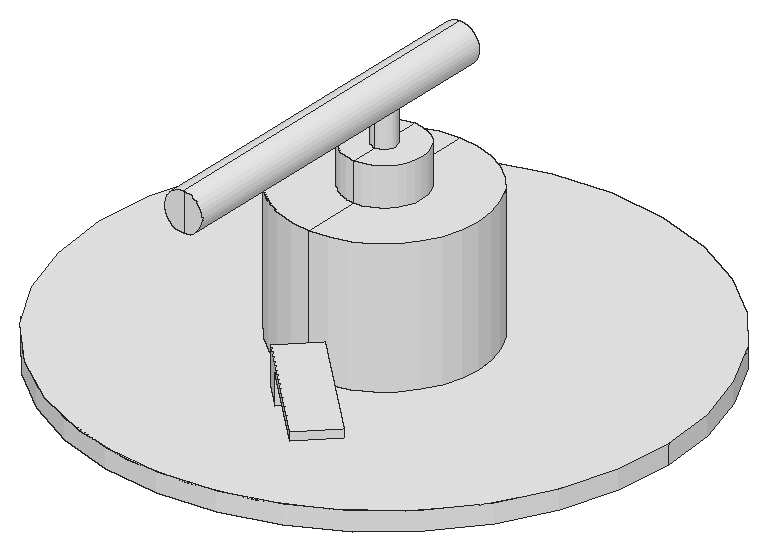
Revit family "Shower_System_Valve-Symmons-Dia-Shower-Volume_Control-Trim", category Plumbing Fixtures, host Face, Revit 2015
Parameters (values of type "Trim, Chrome")
  z VC Visibility = if(z Error, 1 = 0, if(z Has Volume Control, 1 = 1, 1 = 0))  # yes
  z VC Type = if(z Has Volume Control, 1, 0)  # 1
  z Type Wide Lever = if(z Has Wide Lever Handle, 1, 0)  # 0
  z Type Trim = 1
  z Type Service Stop = if(z Has Integral Service Stops, 1, 0)  # 0
  z Type Reverse Core = if(z Has Reverse Core, 1, 0)  # 0
  z Type Model = if(and(z Has Volume Control, z Has Symmons Temptrol Mixing Valve Only), 8, if(and(z Has Volume Control, z Has Trim Only), 6, if(and(z Has Volume Control, z Has Rebuild Kit Trim Only), 7, if(z Has Symmons Temptrol Mixing Valve Only, 4, if(z Has Volume Control, 5, if(z Has Trim Only, 2, if(z Has Rebuild Kit Trim Only, 3, 1)))))))  # 6
  z Type Kit = 0
  z Type IPS Connection = if(z Has .5 Inch Female IPS Connections, 1, 0)  # 0
  z Type Finish = 1
  z Type Check Stops = if(z Has Check Stops, 1, 0)  # 0
  z Type All = (z Type Model * 1000000) + (z Type IPS Connection * 100000) + (z Type Service Stop * 10000) + (z Type Check Stops * 1000) + (z Type Reverse Core * 100) + (z Type Wide Lever * 10) + (z Type Finish * 1)  # 6000001
  z Trim Visibility = if(z Error, 1 = 0, if(z Has Symmons Temptrol Mixing Valve Only, 1 = 0, 1 = 1))  # yes
  z Pipe Radius [instance] = 0.250"  # constant formula
  z Overall Width [instance] = 7.500"  # constant formula
  z Overall Height [instance] = 7.500"  # constant formula
  z Overall Depth [instance] = 6.875"  # constant formula
  z Option Selection = if(and(z Has Wide Lever Handle, z Has Trim Only), "Wide Lever Handle, Trim Only", if(and(z Has Wide Lever Handle, z Has Rebuild Kit Trim Only), "Wide Lever Handle, Rebuild Kit Trim Only", if(z Has Wide Lever Handle, "Wide Lever Handle", if(z Has Trim Only, "Trim Only", if(z Has Rebuild Kit Trim Only, "Rebuild Kit Trim Only", "None Selected")))))  # "Trim Only"
  z Offset [instance] = 3.500"  # constant formula
  z Modification Selection = if(and(z Has Volume Control, z Has .5 Inch Female IPS Connections, z Has Integral Service Stops), "Error: .5 Inch Female IPS Connection Not Available With Integral Service Stops", if(and(z Has Reverse Core, not(z Has Integral Service Stops)), "Error: Must Have Integral Service Stops For Reverse Core", if(and(z Has Check Stops, not(z Has Integral Service Stops)), "Error: Must Have Integral Service Stops For Check Stops", if(and(z VC Type = 1, z Type Reverse Core = 0, z Type Service Stop = 0, z Type Check Stops = 0, z Type IPS Connection = 0), "Volume Control", if(and(z VC Type = 0, z Type Reverse Core = 0, z Type Service Stop = 0, z Type Check Stops = 0, z Type IPS Connection = 0), "None Selected", if(and(z VC Type = 1, z Type Reverse Core = 1, z Type Service Stop = 0, z Type Check Stops = 0, z Type IPS Connection = 0), "Volume Control,Reverse Core", if(and(z VC Type = 0, z Type Reverse Core = 1, z Type Service Stop = 0, z Type Check Stops = 0, z Type IPS Connection = 0), "Reverse Core", if(and(z VC Type = 1, z Type Reverse Core = 0, z Type Service Stop = 1, z Type Check Stops = 0, z Type IPS Connection = 0), "Volume Control,Integral Service Stops", if(and(z VC Type = 0, z Type Reverse Core = 0, z Type Service Stop = 1, z Type Check Stops = 0, z Type IPS Connection = 0), "Integral Service Stops", if(and(z VC Type = 1, z Type Reverse Core = 1, z Type Service Stop = 1, z Type Check Stops = 0, z Type IPS Connection = 0), "Volume Control,Reverse Core,Integral Service Stops", if(and(z VC Type = 0, z Type Reverse Core = 1, z Type Service Stop = 1, z Type Check Stops = 0, z Type IPS Connection = 0), "Reverse Core,Integral Service Stops", if(and(z VC Type = 1, z Type Reverse Core = 0, z Type Service Stop = 0, z Type Check Stops = 1, z Type IPS Connection = 0), "Volume ControlCheck Stops", if(and(z VC Type = 0, z Type Reverse Core = 0, z Type Service Stop = 0, z Type Check Stops = 1, z Type IPS Connection = 0), "Check Stops", if(and(z VC Type = 1, z Type Reverse Core = 1, z Type Service Stop = 0, z Type Check Stops = 1, z Type IPS Connection = 0), "Volume Control,Reverse Core,Check Stops", if(and(z VC Type = 0, z Type Reverse Core = 1, z Type Service Stop = 0, z Type Check Stops = 1, z Type IPS Connection = 0), "Reverse Core,Check Stops", if(and(z VC Type = 1, z Type Reverse Core = 0, z Type Service Stop = 1, z Type Check Stops = 1, z Type IPS Connection = 0), "Volume Control,Integral Service Stops,Check Stops", if(and(z VC Type = 0, z Type Reverse Core = 0, z Type Service Stop = 1, z Type Check Stops = 1, z Type IPS Connection = 0), "Integral Service Stops,Check Stops", if(and(z VC Type = 1, z Type Reverse Core = 1, z Type Service Stop = 1, z Type Check Stops = 1, z Type IPS Connection = 0), "Volume Control,Reverse Core,Integral Service Stops,Check Stops", if(and(z VC Type = 0, z Type Reverse Core = 1, z Type Service Stop = 1, z Type Check Stops = 1, z Type IPS Connection = 0), "Reverse Core,Integral Service Stops,Check Stops", if(and(z VC Type = 1, z Type Reverse Core = 0, z Type Service Stop = 0, z Type Check Stops = 0, z Type IPS Connection = 1), "Volume Control,.5 Inch IPS Connection", if(and(z VC Type = 0, z Type Reverse Core = 0, z Type Service Stop = 0, z Type Check Stops = 0, z Type IPS Connection = 1), ".5 Inch IPS Connection", if(and(z VC Type = 1, z Type Reverse Core = 1, z Type Service Stop = 0, z Type Check Stops = 0, z Type IPS Connection = 1), "Volume Control,Reverse Core,.5 Inch IPS Connection", if(and(z VC Type = 0, z Type Reverse Core = 1, z Type Service Stop = 0, z Type Check Stops = 0, z Type IPS Connection = 1), "Reverse Core,.5 Inch IPS Connection", if(and(z VC Type = 1, z Type Reverse Core = 0, z Type Service Stop = 1, z Type Check Stops = 0, z Type IPS Connection = 1), "Volume Control,Integral Service Stops,.5 Inch IPS Connection", if(and(z VC Type = 0, z Type Reverse Core = 0, z Type Service Stop = 1, z Type Check Stops = 0, z Type IPS Connection = 1), "Integral Service Stops,.5 Inch IPS Connection", if(and(z VC Type = 1, z Type Reverse Core = 1, z Type Service Stop = 1, z Type Check Stops = 0, z Type IPS Connection = 1), "Volume Control,Reverse Core,Integral Service Stops,.5 Inch IPS Connection", if(and(z VC Type = 0, z Type Reverse Core = 1, z Type Service Stop = 1, z Type Check Stops = 0, z Type IPS Connection = 1), "Reverse Core,Integral Service Stops,.5 Inch IPS Connection", if(and(z VC Type = 1, z Type Reverse Core = 0, z Type Service Stop = 0, z Type Check Stops = 1, z Type IPS Connection = 1), "Volume Control,Check Stops,.5 Inch IPS Connection", if(and(z VC Type = 0, z Type Reverse Core = 0, z Type Service Stop = 0, z Type Check Stops = 1, z Type IPS Connection = 1), "Check Stops,.5 Inch IPS Connection", if(and(z VC Type = 1, z Type Reverse Core = 1, z Type Service Stop = 0, z Type Check Stops = 1, z Type IPS Connection = 1), "Volume Control,Reverse Core,Check Stops,.5 Inch IPS Connection", if(and(z VC Type = 0, z Type Reverse Core = 1, z Type Service Stop = 0, z Type Check Stops = 1, z Type IPS Connection = 1), "Reverse Core,Check Stops,.5 Inch IPS Connection", if(and(z VC Type = 1, z Type Reverse Core = 0, z Type Service Stop = 1, z Type Check Stops = 1, z Type IPS Connection = 1), "Volume Control,Integral Service Stops,Check Stops,.5 Inch IPS Connection", if(and(z VC Type = 0, z Type Reverse Core = 0, z Type Service Stop = 1, z Type Check Stops = 1, z Type IPS Connection = 1), "Integral Service Stops,Check Stops,.5 Inch IPS Connection", if(and(z VC Type = 1, z Type Reverse Core = 1, z Type Service Stop = 1, z Type Check Stops = 1, z Type IPS Connection = 1), "Volume Control,Reverse Core,Integral Service Stops,Check Stops,.5 Inch IPS Connection", if(and(z VC Type = 0, z Type Reverse Core = 1, z Type Service Stop = 1, z Type Check Stops = 1, z Type IPS Connection = 1), "Reverse Core,Integral Service Stops,Check Stops,.5 Inch IPS Connection", if(and(z VC Type = 1, z Type Reverse Core = 0, z Type Service Stop = 0, z Type Check Stops = 0, z Type IPS Connection = 0), "Volume Control", if(and(z VC Type = 0, z Type Reverse Core = 0, z Type Service Stop = 0, z Type Check Stops = 0, z Type IPS Connection = 0), "None Selected", if(and(z VC Type = 1, z Type Reverse Core = 1, z Type Service Stop = 0, z Type Check Stops = 0, z Type IPS Connection = 0), "Volume Control,Reverse Core,", if(and(z VC Type = 0, z Type Reverse Core = 1, z Type Service Stop = 0, z Type Check Stops = 0, z Type IPS Connection = 0), "Reverse Core,", if(and(z VC Type = 1, z Type Reverse Core = 0, z Type Service Stop = 1, z Type Check Stops = 0, z Type IPS Connection = 0), "Volume Control,,Integral Service Stops,", if(and(z VC Type = 0, z Type Reverse Core = 0, z Type Service Stop = 1, z Type Check Stops = 0, z Type IPS Connection = 0), ",Integral Service Stops,", if(and(z VC Type = 1, z Type Reverse Core = 1, z Type Service Stop = 1, z Type Check Stops = 0, z Type IPS Connection = 0), "Volume Control,Reverse Core,Integral Service Stops,", if(and(z VC Type = 0, z Type Reverse Core = 1, z Type Service Stop = 1, z Type Check Stops = 0, z Type IPS Connection = 0), "None Selected,Reverse Core,Integral Service Stops,", if(and(z VC Type = 1, z Type Reverse Core = 0, z Type Service Stop = 0, z Type Check Stops = 1, z Type IPS Connection = 0), "Volume Control,,,Check Stops", if(and(z VC Type = 0, z Type Reverse Core = 0, z Type Service Stop = 0, z Type Check Stops = 1, z Type IPS Connection = 0), ",,Check Stops", if(and(z VC Type = 1, z Type Reverse Core = 1, z Type Service Stop = 0, z Type Check Stops = 1, z Type IPS Connection = 0), "Volume Control,Reverse Core,,Check Stops", if(and(z VC Type = 0, z Type Reverse Core = 1, z Type Service Stop = 0, z Type Check Stops = 1, z Type IPS Connection = 0), "Reverse Core,,Check Stops", if(and(z VC Type = 1, z Type Reverse Core = 0, z Type Service Stop = 1, z Type Check Stops = 1, z Type IPS Connection = 0), "Volume Control,Integral Service Stops,Check Stops", if(and(z VC Type = 0, z Type Reverse Core = 0, z Type Service Stop = 1, z Type Check Stops = 1, z Type IPS Connection = 0), "Integral Service Stops,Check Stops", if(and(z VC Type = 1, z Type Reverse Core = 1, z Type Service Stop = 1, z Type Check Stops = 1, z Type IPS Connection = 0), "Volume Control,Reverse Core,Integral Service Stops,Check Stops", if(and(z VC Type = 0, z Type Reverse Core = 1, z Type Service Stop = 1, z Type Check Stops = 1, z Type IPS Connection = 0), "Reverse Core,Integral Service Stops,Check Stops", if(and(z VC Type = 1, z Type Reverse Core = 0, z Type Service Stop = 0, z Type Check Stops = 0, z Type IPS Connection = 1), "Volume Control,.5 Inch IPS Connection", if(and(z VC Type = 0, z Type Reverse Core = 0, z Type Service Stop = 0, z Type Check Stops = 0, z Type IPS Connection = 1), ".5 Inch IPS Connection", "Not Available")))))))))))))))))))))))))))))))))))))))))))))))))))))  # "Volume Control"
  z Mixer Valve Visibility = if(z Error, 1 = 0, if(or(z Has Rebuild Kit Trim Only, z Has Trim Only), 1 = 0, 1 = 1))  # no
  z Hot Cold Placement [instance] = 4.000"  # constant formula
  z Has Wide Lever Handle = 1 = 0  # no
  z Has Volume Control = 1 = 1  # yes
  z Has Trim Only = if(z Type Trim = 1, 1 = 1, 1 = 0)  # yes
  z Has Symmons Temptrol Mixing Valve Only = 1 = 0  # no
  z Has Reverse Core = 1 = 0  # no
  z Has Rebuild Kit Trim Only = if(z Type Kit = 1, 1 = 1, 1 = 0)  # no
  z Has Integral Service Stops = 1 = 0  # no
  z Has Check Stops = 1 = 0  # no
  z Has .5 Inch Female IPS Connections = 1 = 0  # no
  z Error Type = if(z Has Symmons Temptrol Mixing Valve Only, 1, 0) + if(z Has Trim Only, 1, 0) + if(z Has Rebuild Kit Trim Only, 1, 0)  # 1
  z Error Box Width [instance] = if(z Error, 10.000", 0.100")  # 0.100"
  z Error Box Height [instance] = if(z Error, 10.000", 0.100")  # 0.100"
  z Error Box Depth [instance] = if(z Error, 10.000", 0.100")  # 0.100"
  z Error = if(and(z VC Type = 1, z Has .5 Inch Female IPS Connections, z Has Integral Service Stops), 1 = 1, if(and(z Has Reverse Core, not(z Has Integral Service Stops)), 1 = 1, if(and(z Has Check Stops, not(z Has Integral Service Stops)), 1 = 1, if(z Error Type > 1, 1 = 1, if(and(z Has Symmons Temptrol Mixing Valve Only, z Has Wide Lever Handle), 1 = 1, 1 = 0)))))  # no
  z  Reverse Core Placement [instance] = if(z Has Reverse Core, z Hot Cold Placement + 1.750", 1.750")  # 1.750"
  URL = "http://www.symmons.com/"
  Product data url = "https://bimobject.com/symmonsindustries/product/symmons-s-3500ts-cyl-b"
  Product Page URL = "http://www.symmons.com/Bathroom-Products/Dia/Symmons-Dia-Shower-Valve-S-3500-CYL-B.aspx"
  Product Material = Chrome - Symmons - Polished
  Product Documentation Link = "http://www.symmons.com/~/media/Files/Symmons/Products/Dia/S3500CYLB_Dia_sub.pdf"
  Part Number [instance] = Model  # "S-3500-CYL-B-TRM"
  Part Description [instance] = Description  # "Trim only, mixing valve ordered separately, Chrome"
  Model Disclaimer = "Contact Symmons Industries, Inc. For More Information"  # constant formula
  Model = if(and(z Error, z Error Type > 1), z Option Selection, if(z Error, z Modification Selection, if(z Type All = 1000001, "3500-CYL-B", if(z Type All = 1100001, "3500-CYL-B-IPS", if(z Type All = 1010001, "3500-CYL-B-X", if(z Type All = 1110001, "3500-CYL-B-X-IPS", if(z Type All = 1001001, "3500-CYL-B-CHKS", if(z Type All = 1101001, "3500-CYL-B-IPS-CHKS", if(z Type All = 1011001, "3500-CYL-B-X-CHKS", if(z Type All = 1111001, "3500-CYL-B-X-IPS-CHKS", if(z Type All = 1000101, "3500-CYL-B-REV", if(z Type All = 1100101, "3500-CYL-B-IPS-REV", if(z Type All = 1010101, "3500-CYL-B-X-REV", if(z Type All = 1110101, "3500-CYL-B-X-IPS-REV", if(z Type All = 1001101, "3500-CYL-B-CHKS-REV", if(z Type All = 1101101, "3500-CYL-B-IPS-CHKS-REV", if(z Type All = 1011101, "3500-CYL-B-X-CHKS-REV", if(z Type All = 1111101, "3500-CYL-B-X-IPS-CHKS-REV", if(z Type All = 1000011, "3500-CYL-B-LW", if(z Type All = 1100011, "3500-CYL-B-IPS-LW", if(z Type All = 1010011, "3500-CYL-B-X-LW", if(z Type All = 1110011, "3500-CYL-B-X-IPS-LW", if(z Type All = 1001011, "3500-CYL-B-CHKS-LW", if(z Type All = 1101011, "3500-CYL-B-IPS-CHKS-LW", if(z Type All = 1011011, "3500-CYL-B-X-CHKS-LW", if(z Type All = 1111011, "3500-CYL-B-X-IPS-CHKS-LW", if(z Type All = 1111111, "3500-CYL-B-X-IPS-CHKS-REV-LW", if(z Type All = 1000002, "3500-CYL-B-STN", if(z Type All = 1100002, "3500-CYL-B-IPS-STN", if(z Type All = 1010002, "3500-CYL-B-X-STN", if(z Type All = 1110002, "3500-CYL-B-X-IPS-STN", if(z Type All = 1001002, "3500-CYL-B-CHKS-STN", if(z Type All = 1101002, "3500-CYL-B-IPS-CHKS-STN", if(z Type All = 1011002, "3500-CYL-B-X-CHKS-STN", if(z Type All = 1111002, "3500-CYL-B-X-IPS-CHKS-STN", if(z Type All = 1000102, "3500-CYL-B-REV-STN", if(z Type All = 1100102, "3500-CYL-B-IPS-REV-STN", if(z Type All = 1010102, "3500-CYL-B-X-REV-STN", if(z Type All = 1110102, "3500-CYL-B-X-IPS-REV-STN", if(z Type All = 1001102, "3500-CYL-B-CHKS-REV-STN", if(z Type All = 1101102, "3500-CYL-B-IPS-CHKS-REV-STN", if(z Type All = 1011102, "3500-CYL-B-X-CHKS-REV-STN", if(z Type All = 1111102, "3500-CYL-B-X-IPS-CHKS-REV-STN", if(z Type All = 1000002, "3500-CYL-B-STN", if(z Type All = 1100002, "3500-CYL-B-IPS-STN", if(z Type All = 1010002, "3500-CYL-B-X-STN", if(z Type All = 1110002, "3500-CYL-B-X-IPS-STN", if(z Type All = 1001002, "3500-CYL-B-CHKS-STN", if(z Type All = 1101002, "3500-CYL-B-IPS-CHKS-STN", if(z Type All = 1011002, "3500-CYL-B-X-CHKS-STN", if(z Type All = 1111002, "3500-CYL-B-X-IPS-CHKS-STN", if(z Type All = 1111102, "3500-CYL-B-X-IPS-CHKS-REV-STN", if(z Type All = 2000001, "3500-CYL-B-TRM", if(z Type All = 2000002, "3500-CYL-B-STN-TRM", if(z Type All = 3000001, "3500-CYL-B-REB-TRM", if(z Type All = 3000001, "3500-CYL-B-REB-TRM", if(z Type All = 3000002, "3500-CYL-B-STN-REB-TRM", if(z Type All = 3000012, "3500-CYL-B-STN-REB-TRM", if(z Type All = 4000000, "4000-BODY", if(z Type All = 4100000, "4000-BODY-IPS", if(z Type All = 4010000, "4000-X-BODY", if(z Type All = 4110000, "4000-X-BODY-IPS", if(z Type All = 4001000, "4000-BODY-CHKS", if(z Type All = 4101000, "4000-BODY-IPS-CHKS", if(z Type All = 4011000, "4000-X-BODY-CHKS", if(z Type All = 4111000, "4000-X-BODY-IPS-CHKS", if(z Type All = 4000100, "4000-BODY-REV", if(z Type All = 4100100, "4000-BODY-IPS-REV", if(z Type All = 4010100, "4000-X-BODY-REV", if(z Type All = 4110100, "4000-X-BODY-IPS-REV", if(z Type All = 4001100, "4000-BODY-CHKS-REV", if(z Type All = 4101100, "4000-BODY-IPS-CHKS-REV", if(z Type All = 4011100, "4000-X-BODY-CHKS-REV", if(z Type All = 4111100, "4000-X-BODY-IPS-CHKS-REV", if(z Type All = 5000001, "S-3500-CYL-B", if(z Type All = 5100001, "S-3500-CYL-B-IPS", if(z Type All = 5010001, "S-3500-CYL-B-X", if(z Type All = 5110001, "S-3500-CYL-B-X-IPS", if(z Type All = 5001001, "S-3500-CYL-B-CHKS", if(z Type All = 5101001, "S-3500-CYL-B-IPS-CHKS", if(z Type All = 5011001, "S-3500-CYL-B-X-CHKS", if(z Type All = 5111001, "S-3500-CYL-B-X-IPS-CHKS", if(z Type All = 5000101, "S-3500-CYL-B-REV", if(z Type All = 5100101, "S-3500-CYL-B-IPS-REV", if(z Type All = 5010101, "S-3500-CYL-B-X-REV", if(z Type All = 5110101, "S-3500-CYL-B-X-IPS-REV", if(z Type All = 5001101, "S-3500-CYL-B-CHKS-REV", if(z Type All = 5101101, "S-3500-CYL-B-IPS-CHKS-REV", if(z Type All = 5011101, "S-3500-CYL-B-X-CHKS-REV", if(z Type All = 5111101, "S-3500-CYL-B-X-IPS-CHKS-REV", if(z Type All = 5000011, "S-3500-CYL-B-LW", if(z Type All = 5100011, "S-3500-CYL-B-IPS-LW", if(z Type All = 5010011, "S-3500-CYL-B-X-LW", if(z Type All = 5110011, "S-3500-CYL-B-X-IPS-LW", if(z Type All = 5001011, "S-3500-CYL-B-CHKS-LW", if(z Type All = 5101011, "S-3500-CYL-B-IPS-CHKS-LW", if(z Type All = 5011011, "S-3500-CYL-B-X-CHKS-LW", if(z Type All = 5111011, "S-3500-CYL-B-X-IPS-CHKS-LW", if(z Type All = 5111111, "S-3500-CYL-B-X-IPS-CHKS-REV-LW", if(z Type All = 5000002, "S-3500-CYL-B-STN", if(z Type All = 5100002, "S-3500-CYL-B-IPS-STN", if(z Type All = 5010002, "S-3500-CYL-B-X-STN", if(z Type All = 5110002, "S-3500-CYL-B-X-IPS-STN", if(z Type All = 5001002, "S-3500-CYL-B-CHKS-STN", if(z Type All = 5101002, "S-3500-CYL-B-IPS-CHKS-STN", if(z Type All = 5011002, "S-3500-CYL-B-X-CHKS-STN", if(z Type All = 5111002, "S-3500-CYL-B-X-IPS-CHKS-STN", if(z Type All = 5000102, "S-3500-CYL-B-REV-STN", if(z Type All = 5100102, "S-3500-CYL-B-IPS-REV-STN", if(z Type All = 5010102, "S-3500-CYL-B-X-REV-STN", if(z Type All = 5110102, "S-3500-CYL-B-X-IPS-REV-STN", if(z Type All = 5001102, "S-3500-CYL-B-CHKS-REV-STN", if(z Type All = 5101102, "S-3500-CYL-B-IPS-CHKS-REV-STN", if(z Type All = 5011102, "S-3500-CYL-B-X-CHKS-REV-STN", if(z Type All = 5111102, "S-3500-CYL-B-X-IPS-CHKS-REV-STN", if(z Type All = 5000002, "S-3500-CYL-B-STN", if(z Type All = 5100002, "S-3500-CYL-B-IPS-STN", if(z Type All = 5010002, "S-3500-CYL-B-X-STN", if(z Type All = 5110002, "S-3500-CYL-B-X-IPS-STN", if(z Type All = 5001002, "S-3500-CYL-B-CHKS-STN", if(z Type All = 5101002, "S-3500-CYL-B-IPS-CHKS-STN", if(z Type All = 5011002, "S-3500-CYL-B-X-CHKS-STN", if(z Type All = 5111002, "S-3500-CYL-B-X-IPS-CHKS-STN", if(z Type All = 5111102, "S-3500-CYL-B-X-IPS-CHKS-REV-STN", if(z Type All = 6000001, "S-3500-CYL-B-TRM", if(z Type All = 6000002, "S-3500-CYL-B-STN-TRM", if(z Type All = 7000001, "S-3500-CYL-B-REB-TRM", if(z Type All = 7000001, "S-3500-CYL-B-REB-TRM", if(z Type All = 7000002, "S-3500-CYL-B-STN-REB-TRM", if(z Type All = 7000012, "S-3500-CYL-B-STN-REB-TRM", if(z Type All = 8000000, "4001-BODY", if(z Type All = 8100000, "4001-BODY-IPS", if(z Type All = 8010000, "4001-X-BODY", if(z Type All = 8110000, "4001-X-BODY-IPS", if(z Type All = 8001000, "4001-BODY-CHKS", if(z Type All = 8101000, "4001-BODY-IPS-CHKS", if(z Type All = 8011000, "4001-X-BODY-CHKS", if(z Type All = 8111000, "4001-X-BODY-IPS-CHKS", if(z Type All = 8000100, "4001-BODY-REV", if(z Type All = 8100100, "4001-BODY-IPS-REV", if(z Type All = 8010100, "4001-X-BODY-REV", if(z Type All = 8110100, "4001-X-BODY-IPS-REV", if(z Type All = 8001100, "4001-BODY-CHKS-REV", if(z Type All = 8101100, "4001-BODY-IPS-CHKS-REV", if(z Type All = 8011100, "4001-X-BODY-CHKS-REV", if(z Type All = 8111100, "4001-X-BODY-IPS-CHKS-REV", "Not Available"))))))))))))))))))))))))))))))))))))))))))))))))))))))))))))))))))))))))))))))))))))))))))))))))))))))))))))))))))))))))))))))))))))))))))))))))))  # "S-3500-CYL-B-TRM"
  Manufacturer = "Symmons Industries, Inc."  # constant formula
  Family Version = "1.0"  # constant formula
  Equipment Number [instance] = ""
  Equipment Abbreviation = "SVS"
  Description = if(and(z Error, z Error Type > 1), z Option Selection, if(z Error, z Modification Selection, if(z Type All = 1000001, "Shower Valve System with Symmons Temptrol mixing valve, Chrome", if(z Type All = 1100001, "Shower Valve System with Symmons Temptrol mixing valve,.5  inch female IPS connections, Chrome", if(z Type All = 1010001, "Shower Valve System with Symmons Temptrol mixing valve,Integral service stops, Chrome", if(z Type All = 1110001, "Shower Valve System with Symmons Temptrol mixing valve,Integral service stops,.5  inch female IPS connections, Chrome", if(z Type All = 1001001, "Shower Valve System with Symmons Temptrol mixing valve, Integral Check Stops, Chrome", if(z Type All = 1101001, "Shower Valve System with Symmons Temptrol mixing valve,.5  inch female IPS connections, Integral Check Stops, Chrome", if(z Type All = 1011001, "Shower Valve System with Symmons Temptrol mixing valve,Integral service stops, Integral Check Stops, Chrome", if(z Type All = 1111001, "Shower Valve System with Symmons Temptrol mixing valve,Integral service stops,.5  inch female IPS connections, Integral Check Stops, Chrome", if(z Type All = 1000101, "Shower Valve System with Symmons Temptrol mixing valve,w/ Reverse Core, Chrome", if(z Type All = 1100101, "Shower Valve System with Symmons Temptrol mixing valve,.5  inch female IPS connections,w/ Reverse Core, Chrome", if(z Type All = 1010101, "Shower Valve System with Symmons Temptrol mixing valve,Integral service stops,w/ Reverse Core, Chrome", if(z Type All = 1110101, "Shower Valve System with Symmons Temptrol mixing valve,Integral service stops,.5  inch female IPS connections,w/ Reverse Core, Chrome", if(z Type All = 1001101, "Shower Valve System with Symmons Temptrol mixing valve, Integral Check Stops,w/ Reverse Core, Chrome", if(z Type All = 1101101, "Shower Valve System with Symmons Temptrol mixing valve,.5  inch female IPS connections, Integral Check Stops,w/ Reverse Core, Chrome", if(z Type All = 1011101, "Shower Valve System with Symmons Temptrol mixing valve,Integral service stops, Integral Check Stops,w/ Reverse Core, Chrome", if(z Type All = 1111101, "Shower Valve System with Symmons Temptrol mixing valve,Integral service stops,.5  inch female IPS connections, Integral Check Stops,w/ Reverse Core, Chrome", if(z Type All = 1000011, "Shower Valve System with Symmons Temptrol mixing valve,Wide Lever Handle", if(z Type All = 1100011, "Shower Valve System with Symmons Temptrol mixing valve,.5  inch female IPS connections,Wide Lever Handle", if(z Type All = 1010011, "Shower Valve System with Symmons Temptrol mixing valve,Integral service stops,Wide Lever Handle", if(z Type All = 1110011, "Shower Valve System with Symmons Temptrol mixing valve,Integral service stops,.5  inch female IPS connections,Wide Lever Handle", if(z Type All = 1001011, "Shower Valve System with Symmons Temptrol mixing valve, Integral Check Stops,Wide Lever Handle", if(z Type All = 1101011, "Shower Valve System with Symmons Temptrol mixing valve,.5  inch female IPS connections, Integral Check Stops,Wide Lever Handle", if(z Type All = 1011011, "Shower Valve System with Symmons Temptrol mixing valve,Integral service stops, Integral Check Stops,Wide Lever Handle", if(z Type All = 1111011, "Shower Valve System with Symmons Temptrol mixing valve,Integral service stops,.5  inch female IPS connections, Integral Check Stops,Wide Lever Handle", if(z Type All = 1111111, "Shower Valve System with Symmons Temptrol mixing valve,Integral service stops,.5  inch female IPS connections, Integral Check Stops,w/ Reverse Core,Wide Lever Handle", if(z Type All = 1000002, "Shower Valve System with Symmons Temptrol mixing valve, Satin Nickel", if(z Type All = 1100002, "Shower Valve System with Symmons Temptrol mixing valve,.5  inch female IPS connections, Satin Nickel", if(z Type All = 1010002, "Shower Valve System with Symmons Temptrol mixing valve,Integral service stops, Satin Nickel", if(z Type All = 1110002, "Shower Valve System with Symmons Temptrol mixing valve,Integral service stops,.5  inch female IPS connections, Satin Nickel", if(z Type All = 1001002, "Shower Valve System with Symmons Temptrol mixing valve, Integral Check Stops, Satin Nickel", if(z Type All = 1101002, "Shower Valve System with Symmons Temptrol mixing valve,.5  inch female IPS connections, Integral Check Stops, Satin Nickel", if(z Type All = 1011002, "Shower Valve System with Symmons Temptrol mixing valve,Integral service stops, Integral Check Stops, Satin Nickel", if(z Type All = 1111002, "Shower Valve System with Symmons Temptrol mixing valve,Integral service stops,.5  inch female IPS connections, Integral Check Stops, Satin Nickel", if(z Type All = 1000102, "Shower Valve System with Symmons Temptrol mixing valve,w/ Reverse Core, Satin Nickel", if(z Type All = 1100102, "Shower Valve System with Symmons Temptrol mixing valve,.5  inch female IPS connections,w/ Reverse Core, Satin Nickel", if(z Type All = 1010102, "Shower Valve System with Symmons Temptrol mixing valve,Integral service stops,w/ Reverse Core, Satin Nickel", if(z Type All = 1110102, "Shower Valve System with Symmons Temptrol mixing valve,Integral service stops,.5  inch female IPS connections,w/ Reverse Core, Satin Nickel", if(z Type All = 1001102, "Shower Valve System with Symmons Temptrol mixing valve, Integral Check Stops,w/ Reverse Core, Satin Nickel", if(z Type All = 1101102, "Shower Valve System with Symmons Temptrol mixing valve,.5  inch female IPS connections, Integral Check Stops,w/ Reverse Core, Satin Nickel", if(z Type All = 1011102, "Shower Valve System with Symmons Temptrol mixing valve,Integral service stops, Integral Check Stops,w/ Reverse Core, Satin Nickel", if(z Type All = 1111102, "Shower Valve System with Symmons Temptrol mixing valve,Integral service stops,.5  inch female IPS connections, Integral Check Stops,w/ Reverse Core, Satin Nickel", if(z Type All = 1000002, "Shower Valve System with Symmons Temptrol mixing valve,Wide Lever Handle, Satin Nickel", if(z Type All = 1100002, "Shower Valve System with Symmons Temptrol mixing valve,.5  inch female IPS connections,Wide Lever Handle, Satin Nickel", if(z Type All = 1010002, "Shower Valve System with Symmons Temptrol mixing valve,Integral service stops,Wide Lever Handle, Satin Nickel", if(z Type All = 1110002, "Shower Valve System with Symmons Temptrol mixing valve,Integral service stops,.5  inch female IPS connections,Wide Lever Handle, Satin Nickel", if(z Type All = 1001002, "Shower Valve System with Symmons Temptrol mixing valve, Integral Check Stops,Wide Lever Handle, Satin Nickel", if(z Type All = 1101002, "Shower Valve System with Symmons Temptrol mixing valve,.5  inch female IPS connections, Integral Check Stops,Wide Lever Handle, Satin Nickel", if(z Type All = 1011002, "Shower Valve System with Symmons Temptrol mixing valve,Integral service stops, Integral Check Stops,Wide Lever Handle, Satin Nickel", if(z Type All = 1111002, "Shower Valve System with Symmons Temptrol mixing valve,Integral service stops,.5  inch female IPS connections, Integral Check Stops,Wide Lever Handle, Satin Nickel", if(z Type All = 1111102, "Shower Valve System with Symmons Temptrol mixing valve,Integral service stops,.5  inch female IPS connections, Integral Check Stops,w/ Reverse Core,Wide Lever Handle, Satin Nickel", if(z Type All = 2000001, "Trim only, mixing valve ordered separately, Chrome", if(z Type All = 2000002, "Trim only, mixing valve ordered separately, Satin Nickel", if(z Type All = 3000001, "Rebuild kit, Trim only, Chrome", if(z Type All = 3000001, "Rebuild kit, Trim onlyWide Lever Handle", if(z Type All = 3000002, "Rebuild kit, Trim only, Satin Nickel", if(z Type All = 3000012, "Rebuild kit, Trim only,Wide Lever Handle, Satin Nickel", if(z Type All = 4000000, "Symmons Temptrol Mixing Valve Only", if(z Type All = 4100000, "Symmons Temptrol Mixing Valve Only,.5  inch female IPS connections,", if(z Type All = 4010000, "Symmons Temptrol Mixing Valve Only,Integral service stops,", if(z Type All = 4110000, "Symmons Temptrol Mixing Valve Only,Integral service stops,.5  inch female IPS connections,", if(z Type All = 4001000, "Symmons Temptrol Mixing Valve Only, Integral Check Stops", if(z Type All = 4101000, "Symmons Temptrol Mixing Valve Only,.5  inch female IPS connections, Integral Check Stops", if(z Type All = 4011000, "Symmons Temptrol Mixing Valve Only,Integral service stops, Integral Check Stops", if(z Type All = 4111000, "Symmons Temptrol Mixing Valve Only,Integral service stops,.5  inch female IPS connections, Integral Check Stops", if(z Type All = 4000100, "Symmons Temptrol Mixing Valve Only,,w/ Reverse Core", if(z Type All = 4100100, "Symmons Temptrol Mixing Valve Only,.5  inch female IPS connections,,w/ Reverse Core", if(z Type All = 4010100, "Symmons Temptrol Mixing Valve Only,Integral service stops,,w/ Reverse Core", if(z Type All = 4110100, "Symmons Temptrol Mixing Valve Only,Integral service stops,.5  inch female IPS connections,,w/ Reverse Core", if(z Type All = 4001100, "Symmons Temptrol Mixing Valve Only, Integral Check Stops,w/ Reverse Core", if(z Type All = 4101100, "Symmons Temptrol Mixing Valve Only,.5  inch female IPS connections, Integral Check Stops,w/ Reverse Core", if(z Type All = 4011100, "Symmons Temptrol Mixing Valve Only,Integral service stops, Integral Check Stops,w/ Reverse Core", if(z Type All = 4111100, "Symmons Temptrol Mixing Valve Only,Integral service stops,.5  inch female IPS connections, Integral Check Stops,w/ Reverse Core", if(z Type All = 5000001, "Shower Valve System with Symmons Temptrol mixing valve, Chrome", if(z Type All = 5100001, "Shower Valve System with Symmons Temptrol mixing valve,.5  inch female IPS connections, Chrome", if(z Type All = 5010001, "Shower Valve System with Symmons Temptrol mixing valve,Integral service stops, Chrome", if(z Type All = 5110001, "Shower Valve System with Symmons Temptrol mixing valve,Integral service stops,.5  inch female IPS connections, Chrome", if(z Type All = 5001001, "Shower Valve System with Symmons Temptrol mixing valve, Integral Check Stops, Chrome", if(z Type All = 5101001, "Shower Valve System with Symmons Temptrol mixing valve,.5  inch female IPS connections, Integral Check Stops, Chrome", if(z Type All = 5011001, "Shower Valve System with Symmons Temptrol mixing valve,Integral service stops, Integral Check Stops, Chrome", if(z Type All = 5111001, "Shower Valve System with Symmons Temptrol mixing valve,Integral service stops,.5  inch female IPS connections, Integral Check Stops, Chrome", if(z Type All = 5000101, "Shower Valve System with Symmons Temptrol mixing valve,w/ Reverse Core, Chrome", if(z Type All = 5100101, "Shower Valve System with Symmons Temptrol mixing valve,.5  inch female IPS connections,w/ Reverse Core, Chrome", if(z Type All = 5010101, "Shower Valve System with Symmons Temptrol mixing valve,Integral service stops,w/ Reverse Core, Chrome", if(z Type All = 5110101, "Shower Valve System with Symmons Temptrol mixing valve,Integral service stops,.5  inch female IPS connections,w/ Reverse Core, Chrome", if(z Type All = 5001101, "Shower Valve System with Symmons Temptrol mixing valve, Integral Check Stops,w/ Reverse Core, Chrome", if(z Type All = 5101101, "Shower Valve System with Symmons Temptrol mixing valve,.5  inch female IPS connections, Integral Check Stops,w/ Reverse Core, Chrome", if(z Type All = 5011101, "Shower Valve System with Symmons Temptrol mixing valve,Integral service stops, Integral Check Stops,w/ Reverse Core, Chrome", if(z Type All = 5111101, "Shower Valve System with Symmons Temptrol mixing valve,Integral service stops,.5  inch female IPS connections, Integral Check Stops,w/ Reverse Core, Chrome", if(z Type All = 5000011, "Shower Valve System with Symmons Temptrol mixing valve,Wide Lever Handle", if(z Type All = 5100011, "Shower Valve System with Symmons Temptrol mixing valve,.5  inch female IPS connections,Wide Lever Handle", if(z Type All = 5010011, "Shower Valve System with Symmons Temptrol mixing valve,Integral service stops,Wide Lever Handle", if(z Type All = 5110011, "Shower Valve System with Symmons Temptrol mixing valve,Integral service stops,.5  inch female IPS connections,Wide Lever Handle", if(z Type All = 5001011, "Shower Valve System with Symmons Temptrol mixing valve, Integral Check Stops,,Wide Lever Handle", if(z Type All = 5101011, "Shower Valve System with Symmons Temptrol mixing valve,.5  inch female IPS connections, Integral Check Stops,,Wide Lever Handle", if(z Type All = 5011011, "Shower Valve System with Symmons Temptrol mixing valve,Integral service stops, Integral Check Stops,,Wide Lever Handle", if(z Type All = 5111011, "Shower Valve System with Symmons Temptrol mixing valve,Integral service stops,.5  inch female IPS connections, Integral Check Stops,,Wide Lever Handle", if(z Type All = 5111111, "Shower Valve System with Symmons Temptrol mixing valve,Integral service stops,.5  inch female IPS connections, Integral Check Stops,w/ Reverse Core,Wide Lever Handle", if(z Type All = 5000002, "Shower Valve System with Symmons Temptrol mixing valve, Satin Nickel", if(z Type All = 5100002, "Shower Valve System with Symmons Temptrol mixing valve,.5  inch female IPS connections, Satin Nickel", if(z Type All = 5010002, "Shower Valve System with Symmons Temptrol mixing valve,Integral service stops, Satin Nickel", if(z Type All = 5110002, "Shower Valve System with Symmons Temptrol mixing valve,Integral service stops,.5  inch female IPS connections, Satin Nickel", if(z Type All = 5001002, "Shower Valve System with Symmons Temptrol mixing valve, Integral Check Stops, Satin Nickel", if(z Type All = 5101002, "Shower Valve System with Symmons Temptrol mixing valve,.5  inch female IPS connections, Integral Check Stops, Satin Nickel", if(z Type All = 5011002, "Shower Valve System with Symmons Temptrol mixing valve,Integral service stops, Integral Check Stops, Satin Nickel", if(z Type All = 5111002, "Shower Valve System with Symmons Temptrol mixing valve,Integral service stops,.5  inch female IPS connections, Integral Check Stops, Satin Nickel", if(z Type All = 5000102, "Shower Valve System with Symmons Temptrol mixing valve,w/ Reverse Core, Satin Nickel", if(z Type All = 5100102, "Shower Valve System with Symmons Temptrol mixing valve,.5  inch female IPS connections,w/ Reverse Core, Satin Nickel", if(z Type All = 5010102, "Shower Valve System with Symmons Temptrol mixing valve,Integral service stops,w/ Reverse Core, Satin Nickel", if(z Type All = 5110102, "Shower Valve System with Symmons Temptrol mixing valve,Integral service stops,.5  inch female IPS connections,w/ Reverse Core, Satin Nickel", if(z Type All = 5001102, "Shower Valve System with Symmons Temptrol mixing valve, Integral Check Stops,w/ Reverse Core, Satin Nickel", if(z Type All = 5101102, "Shower Valve System with Symmons Temptrol mixing valve,.5  inch female IPS connections, Integral Check Stops,w/ Reverse Core, Satin Nickel", if(z Type All = 5011102, "Shower Valve System with Symmons Temptrol mixing valve,Integral service stops, Integral Check Stops,w/ Reverse Core, Satin Nickel", if(z Type All = 5111102, "Shower Valve System with Symmons Temptrol mixing valve,Integral service stops,.5  inch female IPS connections, Integral Check Stops,w/ Reverse Core, Satin Nickel", if(z Type All = 5000002, "Shower Valve System with Symmons Temptrol mixing valve,Wide Lever Handle, Satin Nickel", if(z Type All = 5100002, "Shower Valve System with Symmons Temptrol mixing valve,.5  inch female IPS connections,Wide Lever Handle, Satin Nickel", if(z Type All = 5010002, "Shower Valve System with Symmons Temptrol mixing valve,Integral service stops,Wide Lever Handle, Satin Nickel", if(z Type All = 5110002, "Shower Valve System with Symmons Temptrol mixing valve,Integral service stops,.5  inch female IPS connections,Wide Lever Handle, Satin Nickel", if(z Type All = 5001002, "Shower Valve System with Symmons Temptrol mixing valve, Integral Check Stops,Wide Lever Handle, Satin Nickel", if(z Type All = 5101002, "Shower Valve System with Symmons Temptrol mixing valve,.5  inch female IPS connections, Integral Check Stops,Wide Lever Handle, Satin Nickel", if(z Type All = 5011002, "Shower Valve System with Symmons Temptrol mixing valve,Integral service stops, Integral Check Stops,Wide Lever Handle, Satin Nickel", if(z Type All = 5111002, "Shower Valve System with Symmons Temptrol mixing valve,Integral service stops,.5  inch female IPS connections, Integral Check Stops,Wide Lever Handle, Satin Nickel", if(z Type All = 5111102, "Shower Valve System with Symmons Temptrol mixing valve,Integral service stops,.5  inch female IPS connections, Integral Check Stops,w/ Reverse Core,Wide Lever Handle, Satin Nickel", if(z Type All = 6000001, "Trim only, mixing valve ordered separately, Chrome", if(z Type All = 6000002, "Trim only, mixing valve ordered separately, Satin Nickel", if(z Type All = 7000001, "Rebuild kit, Trim only, Chrome", if(z Type All = 7000001, "Rebuild kit, Trim only,Wide Lever Handle", if(z Type All = 7000002, "Rebuild kit, Trim only, Satin Nickel", if(z Type All = 7000012, "Rebuild kit, Trim only,Wide Lever Handle, Satin Nickel", if(z Type All = 8000000, "Symmons Temptrol Mixing Valve Only", if(z Type All = 8100000, "Symmons Temptrol Mixing Valve Only,.5  inch female IPS connections", if(z Type All = 8010000, "Symmons Temptrol Mixing Valve Only,Integral service stops", if(z Type All = 8110000, "Symmons Temptrol Mixing Valve Only,Integral service stops,.5  inch female IPS connections", if(z Type All = 8001000, "Symmons Temptrol Mixing Valve Only, Integral Check Stops", if(z Type All = 8101000, "Symmons Temptrol Mixing Valve Only,.5  inch female IPS connections, Integral Check Stops", if(z Type All = 8011000, "Symmons Temptrol Mixing Valve Only,Integral service stops, Integral Check Stops", if(z Type All = 8111000, "Symmons Temptrol Mixing Valve Only,Integral service stops,.5  inch female IPS connections, Integral Check Stops", if(z Type All = 8000100, "Symmons Temptrol Mixing Valve Only,w/ Reverse Core", if(z Type All = 8100100, "Symmons Temptrol Mixing Valve Only,.5  inch female IPS connections,w/ Reverse Core", if(z Type All = 8010100, "Symmons Temptrol Mixing Valve Only,Integral service stops,w/ Reverse Core", if(z Type All = 8110100, "Symmons Temptrol Mixing Valve Only,Integral service stops,.5  inch female IPS connections,w/ Reverse Core", if(z Type All = 8001100, "Symmons Temptrol Mixing Valve Only, Integral Check Stops,w/ Reverse Core", if(z Type All = 8101100, "Symmons Temptrol Mixing Valve Only,.5  inch female IPS connections, Integral Check Stops,w/ Reverse Core", if(z Type All = 8011100, "Symmons Temptrol Mixing Valve Only,Integral service stops, Integral Check Stops,w/ Reverse Core", if(z Type All = 8111100, "Symmons Temptrol Mixing Valve Only,Integral service stops,.5  inch female IPS connections, Integral Check Stops,w/ Reverse Core", "Not Available"))))))))))))))))))))))))))))))))))))))))))))))))))))))))))))))))))))))))))))))))))))))))))))))))))))))))))))))))))))))))))))))))))))))))))))))))))  # "Trim only, mixing valve ordered separately, Chrome"
  Default Elevation = 32.000"  # constant formula
  Date Modified = "January 30, 2015"  # constant formula
  Date Created = "January 30, 2015"  # constant formula
  Copyright = "©2015 Symmons Industries, Inc."  # constant formula
Types (4): name | z Type Trim | z Type Model | z Type Kit | z Type Finish | z Type All | z Option Selection | z Has Trim Only | z Has Rebuild Kit Trim Only | Product Material | Part Number | Part Description | Model | Description
  Trim, Chrome | 1 | 6 | 0 | 1 | 6000001 | "Trim Only" | yes | no | Chrome - Symmons - Polished | "S-3500-CYL-B-TRM" | "Trim only, mixing valve ordered separately, Chrome" | "S-3500-CYL-B-TRM" | "Trim only, mixing valve ordered separately, Chrome"
  Trim, Satin Nickel | 1 | 6 | 0 | 2 | 6000002 | "Trim Only" | yes | no | Nickel - Symmons - Satin | "S-3500-CYL-B-STN-TRM" | "Trim only, mixing valve ordered separately, Satin Nickel" | "S-3500-CYL-B-STN-TRM" | "Trim only, mixing valve ordered separately, Satin Nickel"
  Rebuild Kit, Chrome | 0 | 7 | 1 | 1 | 7000001 | "Rebuild Kit Trim Only" | no | yes | Chrome - Symmons - Polished | "S-3500-CYL-B-REB-TRM" | "Rebuild kit, Trim only, Chrome" | "S-3500-CYL-B-REB-TRM" | "Rebuild kit, Trim only, Chrome"
  Rebuild Kit, Satin Nickel | 0 | 7 | 1 | 2 | 7000002 | "Rebuild Kit Trim Only" | no | yes | Nickel - Symmons - Satin | "S-3500-CYL-B-STN-REB-TRM" | "Rebuild kit, Trim only, Satin Nickel" | "S-3500-CYL-B-STN-REB-TRM" | "Rebuild kit, Trim only, Satin Nickel"
Reference planes (in)
  plane 1 "Center (Front/Back)": y = 0
  plane 2 "Center (Elevation)": z = 0
  plane 3 "Center (Left/Right)": x = 0
  plane 4: x = -3.75
  plane 5: y = 3.75
  plane 6: y = -3.75
  plane 7: x = 3.75
  plane 8: z = -3.5
  plane 9: z = 3.375
  plane 10: z = 0
  plane 11: z = 0.25
  plane 12: x = 0.28006
  plane 13: x = -0.28006
  plane 14: z = -2.375
  plane 15: y = -5.75
  plane 16: x = -0.05
  plane 17: y = 0.05
  plane 18: x = 0.05
  plane 19: y = -0.05
  plane 20: z = 0.1
  plane 21: z = 2.875
  plane 22: z = 2.5
  plane 23: z = 2
  plane 24: z = -1.30783
  plane 25: z = -0.80783
  plane 26: z = -0.56163
  plane 27: z = -0.25
  plane 28: z = 3.125
Forms (in)
  Extrusion 1, solid, material "Chrome - Symmons - Polished" <- "Product Material", visible <- "z Trim Visibility"
    sketch origin (0, 0, 0) x (1, 0, 0) y (0, 1, 0)
      loop
        circle (0, 0) r 3.75
    from 0 to 0.25
  Extrusion 2, solid, material "Chrome - Symmons - Polished" <- "Product Material", visible <- "z VC Visibility"
    sketch origin (-0.88388, -0.54836, 0) x (-0.707107, 0.707107, 0) y (0, 0, 1)
      loop
        line (-1.25, 0.25) -> (-1.25, 0.75) -> (-3.08292, 0.75) -> (-3.08292, 0.64028) -> (-1.64776, 0.64028) -> (-1.64776, 0.25) -> (-1.25, 0.25)
    from -0.28006 to 0.28006
  Revolve 3, solid, material "Chrome - Symmons - Polished" <- "Product Material", visible <- "z Trim Visibility"
    sketch origin (0, 0, 0) x (0, 1, 0) y (0, 0, 1)
      loop
        line (-1.25, 0.25) -> (0, 0.25) -> (0, 2.5) -> (-0.5, 2.5) -> (-0.5, 2) -> (-1.25, 2) -> (-1.25, 0.25)
      axis (0, 2.5) -> (0, 0.25)
    angle from 0 to 360
  Extrusion 4, solid, material "Error Box", visible <- "z Error"
    sketch origin (0, 0, 0) x (1, 0, 0) y (0, 1, 0)
      loop
        line (-0.05, 0.05) -> (-0.05, -0.05) -> (0.05, -0.05) -> (0.05, 0.05) -> (-0.05, 0.05)
    from 0 to 0.1
  Revolve 5, solid, material "Chrome - Symmons - Polished" <- "Product Material", visible <- "z Trim Visibility"
    sketch origin (0, 0, 0) x (0, 1, 0) y (0, 0, 1)
      loop
        line (0, 2.5) -> (0, 3.09917) -> (-0.15, 3.09917) -> (-0.15, 2.5) -> (0, 2.5)
      axis (0, 2.5) -> (0, 3.09917)
    angle from 0 to 360
  Revolve 6, solid, material "Chrome - Symmons - Polished" <- "Product Material", visible <- "z Trim Visibility"
    sketch origin (0, 0, 0) x (0, 1, 0) y (0, 0, 1)
      loop
        line (1.25, 3.125) -> (1.25, 3.375) -> (-3.30959, 3.375) -> (-3.30959, 3.125) -> (1.25, 3.125)
      axis (-3.30959, 3.125) -> (1.25, 3.125)
    angle from 0 to 360
Cuts and joins
  joined: Extrusion 1, Revolve 3, Revolve 5, Revolve 6
Lines and regions (in)
  Masking region 1
    outline origin (0, 0, 0) x (1, 0, 0) y (0, 0, 1)
      loop
        line (0, 3.375) -> (-0.28006, 3.375) -> (-0.28006, 2.5) -> (-0.5, 2.5) -> (-0.5, 2) -> (-1.25, 2) -> (-1.25, 0.25) -> (-3.75, 0.25) -> (-3.75, 0) -> (3.75, 0) -> (3.75, 0.25) -> (1.25, 0.25) -> (1.25, 2) -> (0.5, 2) -> (0.5, 2.5) -> (0.28006, 2.5) -> (0.28006, 3.375) -> (0, 3.375)
  symbolic lines, detail levels fine
    curve 1: line (-0.28006, 0, 2.875) -> (0.28006, 0, 2.875)
    curve 2: line (-0.28006, 0, 2.5) -> (0.28089, 0, 2.5)
    curve 3: line (-0.5, 0, 2) -> (0.5, 0, 2)
    curve 4: line (-1.25, 0, 0.25) -> (1.25, 0, 0.25)
Dimensions and locks (in)
  equal spacing: plane 4, plane 3 "Center (Left/Right)", plane 7
  "z Overall Width": plane 4 to plane 7
  equal spacing: plane 5, plane 1 "Center (Front/Back)", plane 6
  "z Overall Height": plane 5 to plane 6
  "z Overall Depth": plane 9 to plane 8
  "z Offset": plane 2 "Center (Elevation)" to plane 8
  locked: plane 9 to plane 10 at 3.375
  locked: plane 11 to plane 10 at 0.25
  equal spacing: plane 13, plane 3 "Center (Left/Right)", plane 12
  locked: plane 13 to plane 12 at 0.56011
  plane 6 to Extrusion 2 sketch curve to Extrusion 2 sketch curve to Extrusion 2 sketch curve = 1.02168" locked, 1.01482" locked, 0.28126" locked
  Extrusion 2 sketch curve to Extrusion 2 sketch curve to plane 11 = 0.10972" locked, 0.39028" locked
  locked: Extrusion 2 to Extrusion 2 at 0.56011
  locked: plane 3 "Center (Left/Right)" to Extrusion 2 at 0.19803
  locked: plane 10 to plane 14 at 2.375
  Revolve 3 sketch curve to Revolve 3 sketch curve to plane 1 "Center (Front/Back)" = 0.750" locked, 0.500" locked
  plane 11 to Revolve 3 sketch curve to Revolve 3 sketch curve = 1.750" locked, 0.500" locked
  locked: plane 6 to plane 15 at 2
  equal spacing: plane 17, plane 1 "Center (Front/Back)", plane 19
  "z Error Box Height": plane 17 to plane 19
  equal spacing: plane 16, plane 3 "Center (Left/Right)", plane 18
  "z Error Box Width": plane 16 to plane 18
  "z Error Box Depth": plane 20 to plane 10
  Masking region 1 sketch curve to Masking region 1 sketch curve to Masking region 1 sketch curve to Masking region 1 sketch curve to plane 3 "Center (Left/Right)" to plane 12 to Masking region 1 sketch curve to Masking region 1 sketch curve to Masking region 1 sketch curve = 2.500" locked, 0.750" locked, 0.21994" locked, 0.28006" locked, 0.28006" locked, 0.21994" locked, 0.750" locked, 2.500" locked
  Masking region 1 sketch curve to Masking region 1 sketch curve to Masking region 1 sketch curve to Masking region 1 sketch curve to plane 11 = 0.000" locked, 0.500" locked, 0.000" locked, 1.750" locked
  plane 9 to plane 21 to plane 22 to plane 23 = 0.500" locked, 0.375" locked, 0.500" locked
  plane 27 to plane 26 to plane 25 to plane 24 to plane 14 = 0.31163" locked, 0.2462" locked, 0.500" locked, 1.06717" locked
  locked: Revolve 5 sketch curve to plane 1 "Center (Front/Back)" at 0.15
  equal spacing: plane 9, plane 28, plane 21
  Revolve 6 sketch curve to plane 1 "Center (Front/Back)" to Revolve 6 sketch curve = 3.30959" locked, 1.250" locked
  locked: Revolve 5 sketch curve to plane 22 at 0.59917
  aligned and locked: plane 2 "Center (Elevation)" to host face
  aligned and locked: level to host face
  aligned and locked: Extrusion 1 to plane 10
  aligned and locked: plane 11 to Extrusion 1
  aligned and locked: Extrusion 2 sketch curve to plane 11
  aligned and locked: plane 1 "Center (Front/Back)" to Revolve 3 sketch curve  (x2)
  aligned and locked: plane 11 to Revolve 3 sketch curve
  aligned and locked: Extrusion 4 sketch curve to plane 17
  aligned and locked: plane 16 to Extrusion 4 sketch curve
  aligned and locked: plane 19 to Extrusion 4 sketch curve
  aligned and locked: Extrusion 4 sketch curve to plane 18
  aligned and locked: Extrusion 4 to plane 10
  aligned and locked: plane 20 to Extrusion 4
  aligned and locked: Masking region 1 sketch curve to plane 10
  aligned and locked: Masking region 1 sketch curve to plane 11
  aligned and locked: Masking region 1 sketch curve to plane 9
  aligned and locked: plane 1 "Center (Front/Back)" to Extrusion 1 sketch curve
  aligned and locked: plane 3 "Center (Left/Right)" to Extrusion 1 sketch curve
  aligned and locked: Revolve 5 sketch curve to plane 22
  aligned and locked: Revolve 5 sketch curve to plane 1 "Center (Front/Back)"
  aligned and locked: plane 9 to Revolve 6 sketch curve
  aligned and locked: Revolve 6 sketch curve to plane 28
Automatic sketch dimensions
  host sketch curve to host sketch curve = 4.000"  (x2)
  plane 11 to Extrusion 2 sketch curve = 0.000"
  plane 11 to Extrusion 2 sketch curve = 0.39028"
  Extrusion 2 sketch curve to Extrusion 2 sketch curve = 1.43517"
  Extrusion 2 sketch curve to Extrusion 2 sketch curve = 0.39776"
  Extrusion 2 sketch curve to Extrusion 2 sketch curve = 0.10972"
  Revolve 3 sketch curve to plane 8 = 5.875"
  plane 9 to Revolve 3 sketch curve = 6.750"
  Masking region 1 sketch curve to plane 3 "Center (Left/Right)" = 0.000"
  Masking region 1 sketch curve to plane 12 = 0.000"
  curve 4 to plane 11 = 0.000"
  curve 3 to plane 23 = 0.000"
  curve 2 to plane 13 = 0.000"
  curve 1 to plane 13 = 0.000"
  curve 1 to plane 12 = 0.000"
  curve 2 to plane 22 = 0.000"
  curve 1 to plane 21 = 0.000"
  curve 3 to plane 13 = 0.21994"
  plane 12 to curve 2 = 0.00084"
  plane 12 to curve 3 = 0.21994"
  Masking region 1 sketch curve to plane 11 = 0.000"
  Revolve 6 sketch curve to plane 28 = 0.000"
  Revolve 6 sketch curve to plane 6 = 0.59006"
  plane 5 to Revolve 6 sketch curve = 0.45239"
  Revolve 5 sketch curve to plane 1 "Center (Front/Back)" = 0.000"
  Revolve 5 sketch curve to plane 8 = 20.500"
  plane 9 to Revolve 5 sketch curve = 88.90086"
  curve 4 to plane 13 = 0.96994"
  plane 12 to curve 4 = 0.96994"
  radius of Extrusion 1 sketch curve = 3.750"
